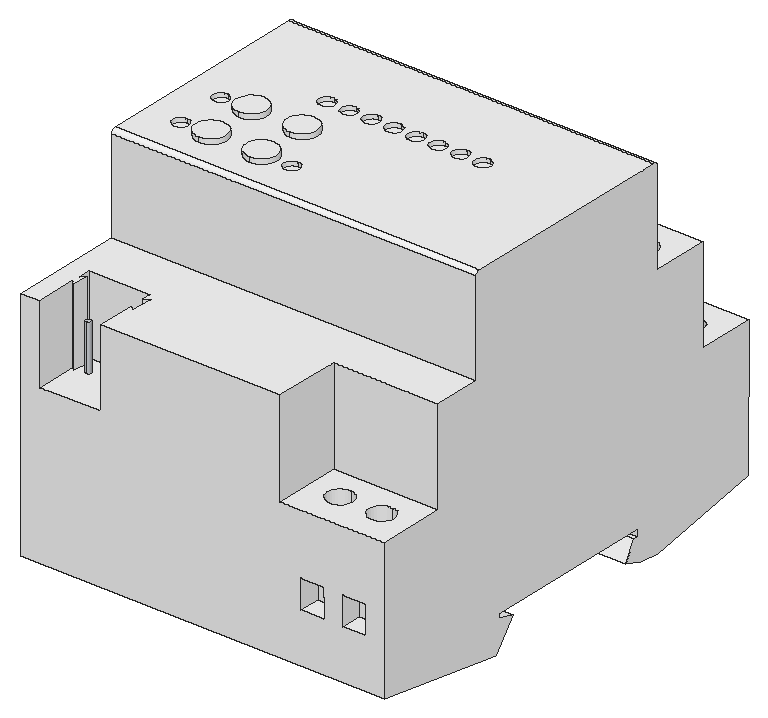
Revit family "Gira_100400", category Electrical Fixtures, host Face, Revit 2017
Family settings
  Host = Face
  Maintain Annotation Orientation = No
  Round Connector Dimension = Use Diameter
  Part Type = Normal
  Cut with Voids When Loaded = No
  Shared = No
  Room Calculation Point = No
Parameters (values of type "Swit.act. 4-g 16 A man.act. KNX DRA")
  URL = "https://www.gira.de/"
  Type Comments = ""
  Suitable for C-load = no
  Output voltage [Volt] = ""
  Output current [Ampere] = ""
  Number of outputs = 0
  Number of binary inputs = 4
  Model = ""
  Max. number of switching contacts = 4
  Manufacturer = "Gira"
  Local operation/hand operation = yes
  Keynote = ""
  HeinzeBIM = "https://www.heinze.de/bim/swit-act-4-g-16-a-man-act-knx-dra/4afbc9e1e2d5739ea50aa643bc9d019e7483cc82"
  HAN = "100400"
  GTIN = "4010337042174"
  Description = "Swit.act.4g 16A DRA KNX KNX switching actuator, 4-gang 16 A with manual actuation,DRA plus DRA switching actuators with integrated bus coupler. For switching independently controllable groups of loads. With manual switch for switching over the relay (On Off) parallel or without KNX operation. Multi-phase connection. No additional power supply required.,Features: - Manual actuation of the relay independent of the bus or switching position indication. - NO contact or NC contact operation. - Central switching function. - Group feedback for reduction of bus load. - Active or passive (object can be read out) cyclical feedback function. - Feedback can be delayed until after the recovery of bus voltage. - Logical linking function for each output. - Block function can be parameterised for each channel. As an alternative, forced setting function for each output. - Time functions (switch-on off delay, staircase light function – also with advance warning function). - Integration in light scenes is possible, eight internal scenes at the most can be parameterised per channel. - Memory function for light scenes. - Elapsed operating time meter as forward backward counter with limit function (limit can be changed via bus) can be activated for each output. - Input monitoring for cyclical updating with safety setting. - Reactions in case of bus voltage failure and restoration can be set for each channel following an ETS programming process. - Independent switching of the four outputs.,Notes : - Installation on DIN top-hat rail. - VDE approval in accordance with EN 60669-1, EN 60669-2-1."
  Default Elevation = 1219.2 mm
  Cost = 0
  Bus connection included = no
  BIMSITE_PRODUCT_ID = "4afbc9e1e2d5739ea50aa643bc9d019e7483cc82"
  BIM = "https://media.live.bim.site/t/eyJhbGciOiJIUzI1NiIsInR5cCI6IkpXVCJ9.eyJjdCI6MSwidGYiOiJwdWJsaWMvZ2lyYS8wOWY1ZGI1L1JFRyA4Zi5yZmEiLCJjaWQiOiJmZWQ5OGU5YS0xYmQ4LTRjNjgtYTczYi03NGE5NGUzMTU4MjMiLCJyaWQiOiIxODZlMTg0ZmRlYzEwODY1ZDVkMDZiYTI2NjlmMDdlMCIsInBpZCI6IjRhZmJjOWUxZTJkNTczOWVhNTBhYTY0M2JjOWQwMTllNzQ4M2NjODIiLCJzaWQiOiI2MzQ3MCIsInV0Ijo1LCJsYyI6ImVuIiwiaWF0IjoxNjA3NDMwNzE5LCJpc3MiOiJodHRwczovL2FwaS5saXZlLmJpbS5zaXRlIiwic3ViIjoiOGQzYWE1Y2ItZTA2Ni00NTk4LWJlMTYtNmUxNmVlNzQ5NTZhIn0.twwMLsL-Z3rZmsApnaf3UYuYHpX3YNixXSHNY4xFcTo/REG 8f.rfa"
  Assembly Code = ""
Reference planes
  plane 1 "Center (Front/Back)": y = 0
  plane 2: z = 0
  plane 3 "Center (Left/Right)": x = 0
Forms (mm)
  Extrusion 1, solid, material "White", detail levels fine
    sketch origin (0, 0, 0) x (0, 1, 0) y (0, 0, 1)
      loop
        line (45.125, -2.619) -> (45.125, 24.95) -> (33.875, 24.95) -> (33.875, 43.8) -> (22.575, 43.8) -> (22.575, 62.05)
        arc (22.575, 62.05) -> (22.311, 62.686) -> (21.675, 62.95) r 0.9
        line (21.675, 62.95) -> (-21.175, 62.95)
        arc (-21.175, 62.95) -> (-21.785, 62.758) -> (-22.175, 62.25) r 1.064
        line (-22.175, 62.25) -> (-22.175, 43.8) -> (-44.725, 43.8) -> (-44.725, -2.619)
        arc (-44.725, -2.619) -> (-31.081, -5.433) -> (-17.243, -7.049) r 160
        line (-17.243, -7.049) -> (-13.165, -1.734) -> (-16.399, -0.807) -> (-16.399, 0) -> (17.8, 0) -> (17.8, -1.4) -> (16.8, -1.4) -> (14.749, -4.952)
        arc (14.749, -4.952) -> (18.64, -6.184) -> (22.7, -6.6) r 20
        arc (22.7, -6.6) -> (33.983, -5.009) -> (45.125, -2.619) r 160
    from -36 to 36
  Extrusion 2, void, detail levels fine
    sketch origin (0, 0, 0) x (1, 0, 0) y (0, 1, 0)
      loop
        circle (30, 26.925) r 2.55
      loop
        circle (21.75, 26.925) r 2.55
      loop
        circle (12.75, 26.925) r 2.55
      loop
        circle (4.5, 26.925) r 2.55
      loop
        circle (-4.5, 26.925) r 2.55
      loop
        circle (-12.75, 26.925) r 2.55
      loop
        circle (-21.75, 26.925) r 2.55
      loop
        circle (-30, 26.925) r 2.55
    from 37.936 to 43.8
  Extrusion 3, void, detail levels fine
    sketch origin (0, 11.25, -18.85) x (1, 0, 0) y (0, 1, 0)
      loop
        circle (30, 26.925) r 2.55
      loop
        circle (21.75, 26.925) r 2.55
      loop
        circle (12.75, 26.925) r 2.55
      loop
        circle (4.5, 26.925) r 2.55
      loop
        circle (-4.5, 26.925) r 2.55
      loop
        circle (-12.75, 26.925) r 2.55
      loop
        circle (-21.75, 26.925) r 2.55
      loop
        circle (-30, 26.925) r 2.55
    from 37.936 to 43.8
  Extrusion 4, void, detail levels fine
    sketch origin (0, 0, 0) x (1, 0, 0) y (0, 1, 0)
      loop
        circle (-13, -3.875) r 3
      loop
        circle (-23, -3.875) r 3
      loop
        circle (-23, -13.875) r 3
      loop
        circle (-13, -13.875) r 3
      loop
        circle (-29, -3.875) r 1.575
      loop
        circle (-29, -13.875) r 1.575
      loop
        circle (-7, -13.875) r 1.575
      loop
        circle (-15.4, 5.325) r 1.625
      loop
        circle (-11, 5.325) r 1.575
      loop
        circle (-6.6, 5.325) r 1.625
      loop
        circle (-2.2, 5.325) r 1.625
      loop
        circle (2.2, 5.325) r 1.625
      loop
        circle (6.6, 5.325) r 1.625
      loop
        circle (11, 5.325) r 1.575
      loop
        circle (15.4, 5.325) r 1.625
    from 58.253 to 62.95
  Extrusion 5, void, detail levels fine
    sketch origin (0, 0, 0) x (1, 0, 0) y (0, 1, 0)
      loop
        line (-32.175, -32.6) -> (-32.175, -34.9) -> (-31.24, -34.36) -> (-31.401, -37.165) -> (-32.175, -36.7) -> (-32.175, -44.875) -> (-20.175, -44.875) -> (-20.175, -37.33) -> (-19.075, -37.965) -> (-19.075, -33.635) -> (-20.175, -34.27) -> (-20.175, -32.6) -> (-32.175, -32.6)
    from 28.5 to 43.8
  Extrusion 6, solid, detail levels fine
    sketch origin (0, 0, 0) x (1, 0, 0) y (0, 1, 0)
      loop
        circle (-29.375, -36.2) r 0.5
      loop
        circle (-23.575, -36.2) r 0.5
    from 28.5 to 37.5
  Extrusion 7, void, detail levels fine
    sketch origin (0, 0, 0) x (1, 0, 0) y (0, 1, 0)
      loop
        line (15.289, -31.489) -> (15.289, -44.875) -> (36, -44.875) -> (36, -31.489) -> (15.289, -31.489)
    from 25 to 43.8
  Extrusion 8, void, detail levels fine
    sketch origin (0, 0, 0) x (1, 0, 0) y (0, 1, 0)
      loop
        circle (21.75, -37.925) r 2.55
      loop
        circle (30, -37.925) r 2.55
    from 19.086 to 24.95
  Extrusion 9, void, detail levels fine
    sketch origin (0, 0, 0) x (1, 0, 0) y (0, 0, 1)
      loop
        line (32.368, 26.75) -> (32.35, 28.865) -> (32.319, 32.45) -> (27.731, 32.45) -> (27.682, 26.75) -> (32.368, 26.75)
      loop
        line (24.118, 26.75) -> (24.1, 28.865) -> (24.069, 32.45) -> (19.481, 32.45) -> (19.432, 26.75) -> (24.118, 26.75)
      loop
        line (15.118, 26.75) -> (15.1, 28.865) -> (15.069, 32.45) -> (10.481, 32.45) -> (10.432, 26.75) -> (15.118, 26.75)
      loop
        line (6.868, 26.75) -> (6.85, 28.865) -> (6.819, 32.45) -> (2.231, 32.45) -> (2.182, 26.75) -> (6.868, 26.75)
      loop
        line (-2.182, 26.75) -> (-2.2, 28.865) -> (-2.231, 32.45) -> (-6.819, 32.45) -> (-6.868, 26.75) -> (-2.182, 26.75)
      loop
        line (-10.432, 26.75) -> (-10.45, 28.865) -> (-10.481, 32.45) -> (-15.069, 32.45) -> (-15.118, 26.75) -> (-10.432, 26.75)
      loop
        line (-19.35, 26.75) -> (-19.369, 28.865) -> (-19.4, 32.45) -> (-23.987, 32.45) -> (-24.037, 26.75) -> (-19.35, 26.75)
      loop
        line (-27.682, 26.75) -> (-27.7, 28.865) -> (-27.731, 32.45) -> (-32.319, 32.45) -> (-32.368, 26.75) -> (-27.682, 26.75)
    from -29.206 to -33.875
  Extrusion 10, void, detail levels fine
    sketch origin (0, 11.25, -19.567) x (1, 0, 0) y (0, 0, 1)
      loop
        line (32.368, 26.75) -> (32.35, 28.865) -> (32.319, 32.45) -> (27.731, 32.45) -> (27.682, 26.75) -> (32.368, 26.75)
      loop
        line (24.118, 26.75) -> (24.1, 28.865) -> (24.069, 32.45) -> (19.481, 32.45) -> (19.432, 26.75) -> (24.118, 26.75)
      loop
        line (15.118, 26.75) -> (15.1, 28.865) -> (15.069, 32.45) -> (10.481, 32.45) -> (10.432, 26.75) -> (15.118, 26.75)
      loop
        line (6.868, 26.75) -> (6.85, 28.865) -> (6.819, 32.45) -> (2.231, 32.45) -> (2.182, 26.75) -> (6.868, 26.75)
      loop
        line (-2.182, 26.75) -> (-2.2, 28.865) -> (-2.231, 32.45) -> (-6.819, 32.45) -> (-6.868, 26.75) -> (-2.182, 26.75)
      loop
        line (-10.432, 26.75) -> (-10.45, 28.865) -> (-10.481, 32.45) -> (-15.069, 32.45) -> (-15.118, 26.75) -> (-10.432, 26.75)
      loop
        line (-19.35, 26.75) -> (-19.369, 28.865) -> (-19.4, 32.45) -> (-23.987, 32.45) -> (-24.037, 26.75) -> (-19.35, 26.75)
      loop
        line (-27.682, 26.75) -> (-27.7, 28.865) -> (-27.731, 32.45) -> (-32.319, 32.45) -> (-32.368, 26.75) -> (-27.682, 26.75)
    from -29.206 to -33.875
  Extrusion 11, void, detail levels fine
    sketch origin (0, 0, 0) x (1, 0, 0) y (0, 0, 1)
      loop
        line (32.319, 12.883) -> (27.731, 12.883) -> (27.682, 7.183) -> (32.368, 7.183) -> (32.35, 9.298) -> (32.319, 12.883)
      loop
        line (24.069, 12.883) -> (19.481, 12.883) -> (19.432, 7.183) -> (24.118, 7.183) -> (24.1, 9.298) -> (24.069, 12.883)
    from 40.588 to 44.725
  Extrusion 12, solid, material "White", detail levels fine
    sketch origin (0, 0, 0) x (1, 0, 0) y (0, 1, 0)
      loop
        circle (-15.4, 5.325) r 1.625
      loop
        circle (-11, 5.325) r 1.575
      loop
        circle (-6.6, 5.325) r 1.625
      loop
        circle (-2.2, 5.325) r 1.625
      loop
        circle (2.2, 5.325) r 1.625
      loop
        circle (6.6, 5.325) r 1.625
      loop
        circle (11, 5.325) r 1.575
      loop
        circle (15.4, 5.325) r 1.625
      loop
        circle (-29, -3.875) r 1.575
      loop
        circle (-29, -13.875) r 1.575
      loop
        circle (-7, -13.875) r 1.575
    from 58.253 to 62.25
  Extrusion 13, solid, material "White", detail levels fine
    sketch origin (0, 0, 0) x (1, 0, 0) y (0, 1, 0)
      loop
        circle (-23, -3.875) r 3
      loop
        circle (-13, -3.875) r 3
      loop
        circle (-23, -13.875) r 3
      loop
        circle (-13, -13.875) r 3
    from 58.253 to 63.841
  Extrusion 14, solid, material "White", detail levels medium
    sketch origin (0, 0, 0) x (0, 1, 0) y (0, 0, 1)
      loop
        line (45.125, -7.049) -> (45.125, 24.95) -> (33.875, 24.95) -> (33.875, 43.8) -> (22.575, 43.8) -> (22.575, 63.841) -> (-22.175, 63.841) -> (-22.175, 43.8) -> (-44.725, 43.8) -> (-44.725, -7.049) -> (45.125, -7.049)
    from -36 to 36
  Extrusion 15, solid, material "White", detail levels coarse
    sketch origin (0, 0, 0) x (0, 1, 0) y (0, 0, 1)
      loop
        line (45.125, -7.049) -> (45.125, 63.841) -> (-44.725, 63.841) -> (-44.725, -7.049) -> (45.125, -7.049)
    from -36 to 36
Cuts and joins
  Extrusion 2, Extrusion 3, Extrusion 4, Extrusion 5, Extrusion 7, Extrusion 8, Extrusion 9, Extrusion 10, Extrusion 11 cuts Extrusion 1
Dimensions and locks
  aligned and locked: plane 2 to host face
  aligned and locked: level to host face
